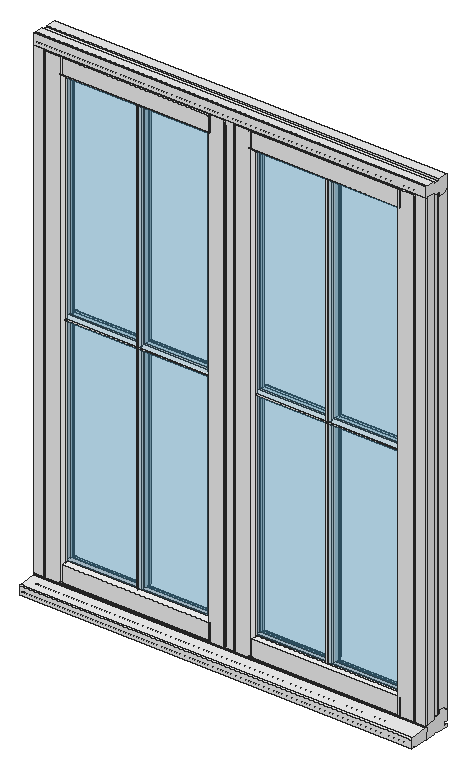
Revit family "C2-4P", category Windows, host Wall, Revit 2012
Parameters
  metal = Matel
  Wood = WindowColor
  Str.Tolrance = 11 mm
  Height = 1770 mm
  Glass = Glass
  Default Sill Height = 914.4 mm
  Wall Closure = By host
  Width = 1400 mm
Reference planes
  plane 1 "Center (Front/Back)": y = 0
  plane 2: z = 0
  plane 3 "Center (Left/Right)": x = 0
  plane 4 "Left": x = -700
  plane 5 "Right": x = 700
  plane 6 "Sill": z = 914.4
  plane 7 "Top": z = 2684.4
  plane 8: y = 33.076
  plane 9: z = 2648.4
  plane 10: x = 660
  plane 11: x = -660
  plane 12: z = 2644.4
  plane 13: z = 962.4
  plane 14: x = 602
  plane 15: x = -602
  plane 16: z = 1024.4
  plane 17: z = 2586.4
  plane 18: z = 2628.4
  plane 19: x = 18
  plane 20: x = -18
  plane 21: z = 1799.4
  plane 22: x = 80
  plane 23: x = -80
  plane 24: z = 982.4
  plane 25: x = 338.918
  plane 26: x = -338.918
Forms (mm)
  Sweep 1, solid, material "Matel" <- "metal"
    path origin (0, 0, 0) x (1, 0, 0) y (0, 0, 1)
      loop
        line (700, 914.4) -> (700, 2648.4)
    profile origin (700, 0, 1781.4) x (-1, 0, 0) y (0, -1, 0)
      loop
        line (0, -10) -> (0, -47) -> (43, -47) -> (43, -44)
        arc (43, -44) -> (50.071, -41.071) -> (53, -34) r 10
        line (53, -34) -> (56, -34) -> (56, -18) -> (36, -18) -> (36, -14) -> (44, -14) -> (44, -4) -> (36, -4) -> (36, -1) -> (44, -1) -> (44, 7) -> (36, 7) -> (36, 31.727)
        arc (36, 31.727) -> (34.922, 33.441) -> (33, 34.079) r 3
        line (33, 34.079) -> (33, 41)
        arc (33, 41) -> (34.834, 41.499) -> (36, 43) r 3
        line (36, 43) -> (36, 47) -> (0, 47) -> (0, 42) -> (2, 42)
        arc (2, 42) -> (5, 39) -> (2, 36) r 3
        line (2, 36) -> (0, 36) -> (0, 10) -> (5, 10) -> (5, -10) -> (0, -10)
  Sweep 2, solid, material "Matel" <- "metal"
    path origin (0, 0, 0) x (1, 0, 0) y (0, 0, 1)
      loop
        line (660, 914.4) -> (660, 2644.4)
    profile origin (660, 0, 1779.4) x (-1, 0, 0) y (0, -1, 0)
      loop
        arc (8, -10) -> (8.879, -12.121) -> (11, -13) r 3
        line (11, -13) -> (52, -13) -> (52, 35) -> (68, 35) -> (68, 37) -> (58, 47) -> (3, 47)
        arc (3, 47) -> (0.879, 46.121) -> (0, 44) r 3
        line (0, 44) -> (0, 42)
        arc (0, 42) -> (0.879, 39.879) -> (3, 39) r 3
        line (3, 39) -> (8, 39) -> (8, 28)
        arc (8, 28) -> (8.586, 26.586) -> (10, 26) r 2
        line (10, 26) -> (10, 8)
        arc (10, 8) -> (8.586, 7.414) -> (8, 6) r 2
        line (8, 6) -> (8, -10)
  Sweep 3, solid, material "Matel" <- "metal"
    path origin (0, 0, 0) x (-1, 0, 0) y (0, 0, 1)
      loop
        line (700, 914.4) -> (700, 2648.4)
    profile origin (-700, 0, 1781.4) x (-1, 0, 0) y (0, -1, 0)
      loop
        line (0, -10) -> (-5, -10) -> (-5, 10) -> (0, 10) -> (0, 36) -> (-2, 36)
        arc (-2, 36) -> (-5, 39) -> (-2, 42) r 3
        line (-2, 42) -> (0, 42) -> (0, 47) -> (-36, 47) -> (-36, 43)
        arc (-36, 43) -> (-34.834, 41.499) -> (-33, 41) r 3
        line (-33, 41) -> (-33, 34.079)
        arc (-33, 34.079) -> (-34.922, 33.441) -> (-36, 31.727) r 3
        line (-36, 31.727) -> (-36, 7) -> (-44, 7) -> (-44, -1) -> (-36, -1) -> (-36, -4) -> (-44, -4) -> (-44, -14) -> (-36, -14) -> (-36, -18) -> (-56, -18) -> (-56, -34) -> (-53, -34)
        arc (-53, -34) -> (-50.071, -41.071) -> (-43, -44) r 10
        line (-43, -44) -> (-43, -47) -> (0, -47) -> (0, -10)
  Sweep 4, solid, material "Matel" <- "metal"
    path origin (-2484.788, 0, 2663.844) x (0, 0, 1) y (1, 0, 0)
      loop
        line (20.556, 1784.788) -> (20.556, 3184.788)
    profile origin (0, 0, 2684.4) x (0, 0, 1) y (0, -1, 0)
      loop
        line (0, -10) -> (-5, -10) -> (-5, 10) -> (0, 10) -> (0, 36) -> (-2, 36)
        arc (-2, 36) -> (-5, 39) -> (-2, 42) r 3
        line (-2, 42) -> (0, 42) -> (0, 47) -> (-36, 47) -> (-36, 43)
        arc (-36, 43) -> (-34.834, 41.499) -> (-33, 41) r 3
        line (-33, 41) -> (-33, 34.079)
        arc (-33, 34.079) -> (-34.922, 33.441) -> (-36, 31.727) r 3
        line (-36, 31.727) -> (-36, 7) -> (-44, 7) -> (-44, -1) -> (-36, -1) -> (-36, -4) -> (-44, -4) -> (-44, -14) -> (-36, -14) -> (-36, -18) -> (-56, -18) -> (-56, -34) -> (-53, -34)
        arc (-53, -34) -> (-50.071, -41.071) -> (-43, -44) r 10
        line (-43, -44) -> (-43, -47) -> (0, -47) -> (0, -10)
  Sweep 5, solid, material "Matel" <- "metal"
    path origin (0, 0, -6.25) x (1, 0, 0) y (0, 0, 1)
      loop
        line (700, 920.65) -> (-700, 920.65)
    profile origin (0, 0, 914.4) x (0, 0, -1) y (0, -1, 0)
      loop
        line (-55, -46) -> (-20, -46) -> (-20, -36) -> (-10, -36) -> (-10, -46) -> (0, -46) -> (0, -9) -> (-5, -9) -> (-5, 11) -> (0, 11) -> (0, 37) -> (-2, 37)
        arc (-2, 37) -> (-5, 40) -> (-2, 43) r 3
        line (-2, 43) -> (0, 43) -> (0, 48) -> (-23, 48) -> (-23, 43) -> (-38, 43) -> (-38, 48) -> (-41, 48)
        arc (-41, 48) -> (-42.414, 47.414) -> (-43, 46) r 2
        line (-43, 46) -> (-48, 6) -> (-53, 6) -> (-56, -17) -> (-57, -17) -> (-57, -23) -> (-60, -23) -> (-60, -17) -> (-68, -17) -> (-68, -33) -> (-65, -33)
        arc (-65, -33) -> (-62.071, -40.071) -> (-55, -43) r 10
        line (-55, -43) -> (-55, -46)
  Sweep 6, solid, material "Matel" <- "metal"
    path origin (0, 0, -6.25) x (1, 0, 0) y (0, 0, 1)
      loop
        line (700, 920.65) -> (-700, 920.65)
    profile origin (0, 0, 914.4) x (0, 0, -1) y (0, -1, 0)
      loop
        line (-2, 103) -> (0, 103) -> (0, 108) -> (-28, 108)
        arc (-28, 108) -> (-30.068, 107.174) -> (-30.996, 105.149) r 3
        line (-30.996, 105.149) -> (-38, 48) -> (-38, 43) -> (-23, 43) -> (-23, 48) -> (0, 48) -> (0, 97) -> (-2, 97)
        arc (-2, 97) -> (-5, 100) -> (-2, 103) r 3
  Sweep 7, solid, material "Matel" <- "metal"
    path origin (0, 0, 162.5) x (1, 0, 0) y (0, 0, 1)
      loop
        line (608, 794.9) -> (69.836, 794.9)
    profile origin (338.918, 0, 957.4) x (0, 0, -1) y (0, -1, 0)
      loop
        line (-12, -10.5) -> (-12, 5.5)
        arc (-12, 5.5) -> (-12.586, 6.914) -> (-14, 7.5) r 2
        line (-14, 7.5) -> (-14, 25.5)
        arc (-14, 25.5) -> (-12.586, 26.086) -> (-12, 27.5) r 2
        line (-12, 27.5) -> (-12, 38.5) -> (-3, 38.5)
        arc (-3, 38.5) -> (-0.879, 39.379) -> (0, 41.5) r 3
        line (0, 41.5) -> (0, 43.5)
        arc (0, 43.5) -> (-0.879, 45.621) -> (-3, 46.5) r 3
        line (-3, 46.5) -> (-62, 46.5) -> (-72, 36.5) -> (-72, 34.5) -> (-56, 34.5) -> (-56, -13.5) -> (-15, -13.5)
        arc (-15, -13.5) -> (-12.879, -12.621) -> (-12, -10.5) r 3
  Sweep 8, solid, material "Matel" <- "metal"
    path origin (0, 0, 0) x (1, 0, 0) y (0, 0, 1)
      loop
        line (602, 2586.4) -> (75.836, 2586.4) -> (75.836, 1019.4) -> (602, 1019.4) -> (602, 2586.4)
    profile origin (338.918, 0, 2586.4) x (0, 0, -1) y (0, -1, 0)
      loop
        line (-1, -10) -> (-1, -7)
        arc (-1, -7) -> (4.657, -4.657) -> (7, 1) r 8
        line (7, 1) -> (10, 1) -> (10, 5) -> (6, 6) -> (6, 9) -> (-6, 9) -> (-6, -10) -> (-1, -10)
  Sweep 9, solid
    path origin (0, 0, 0) x (1, 0, 0) y (0, 0, 1)
      loop
        line (602, 2586.4) -> (75.836, 2586.4) -> (75.836, 1024.4) -> (602, 1024.4) -> (602, 2586.4)
    profile origin (338.918, 0, 2586.4) x (0, 0, -1) y (0, -1, 0)
      loop
        line (-6, 13.165) -> (4, 13.165) -> (4, 29.165) -> (-6, 29.165) -> (-6, 13.165)
  Extrusion 10, solid, material "Glass" <- "Glass"
    sketch origin (0, -52.04, 0) x (1, 0, 0) y (0, 0, -1)
      loop
        line (602, -2586.4) -> (602, -1024.4) -> (81.836, -1024.4) -> (81.836, -2586.4) -> (602, -2586.4)
    from 38.875 to 42.875
  Sweep 11, solid, material "Matel" <- "metal"
    path origin (0, 0, 0) x (1, 0, 0) y (0, 0, 1)
      loop
        line (0, 2648.4) -> (0, 952.4)
    profile origin (0, 0, 1800.4) x (0, -1, 0) y (1, 0, 0)
      loop
        line (42.988, -14) -> (46.988, -14) -> (46.988, 14) -> (42.988, 14)
        arc (42.988, 14) -> (41.574, 13.414) -> (40.988, 12) r 2
        line (40.988, 12) -> (40.988, 11) -> (33.988, 11) -> (33.988, 12)
        arc (33.988, 12) -> (33.403, 13.414) -> (31.988, 14) r 2
        line (31.988, 14) -> (6.988, 14) -> (6.988, 20) -> (-1.012, 20) -> (-1.012, 14) -> (-4.012, 14) -> (-4.012, 22) -> (-14.012, 22) -> (-14.012, 14) -> (-18.012, 14) -> (-18.012, 34) -> (-34.012, 34) -> (-34.012, 31)
        arc (-34.012, 31) -> (-41.083, 28.071) -> (-44.012, 21) r 10
        line (-44.012, 21) -> (-47.012, 21) -> (-47.012, -21) -> (-44.012, -21)
        arc (-44.012, -21) -> (-41.083, -28.071) -> (-34.012, -31) r 10
        line (-34.012, -31) -> (-34.012, -34) -> (-18.012, -34) -> (-18.012, -14) -> (-14.012, -14) -> (-14.012, -22) -> (-4.012, -22) -> (-4.012, -14) -> (-1.012, -14) -> (-1.012, -20) -> (6.988, -20) -> (6.988, -14) -> (31.988, -14)
        arc (31.988, -14) -> (33.403, -13.414) -> (33.988, -12) r 2
        line (33.988, -12) -> (33.988, -11) -> (40.988, -11) -> (40.988, -12)
        arc (40.988, -12) -> (41.574, -13.414) -> (42.988, -14) r 2
  Sweep 12, solid, material "Matel" <- "metal"
    path origin (0, 0, 0) x (-1, 0, 0) y (0, 0, 1)
      loop
        line (602, 2586.4) -> (75.836, 2586.4) -> (75.836, 1019.4) -> (602, 1019.4) -> (602, 2586.4)
    profile origin (-338.918, 0, 2586.4) x (0, 0, 1) y (0, -1, 0)
      loop
        line (1, -10) -> (6, -10) -> (6, 9) -> (-6, 9) -> (-6, 6) -> (-10, 5) -> (-10, 1) -> (-7, 1)
        arc (-7, 1) -> (-4.657, -4.657) -> (1, -7) r 8
        line (1, -7) -> (1, -10)
  Sweep 13, solid, material "Matel" <- "metal"
    path origin (0, 0, 0) x (-1, 0, 0) y (0, 0, 1)
      loop
        line (660, 914.4) -> (660, 2644.4)
    profile origin (-660, 0, 1779.4) x (-1, 0, 0) y (0, -1, 0)
      loop
        line (-8, -10) -> (-8, 6)
        arc (-8, 6) -> (-8.586, 7.414) -> (-10, 8) r 2
        line (-10, 8) -> (-10, 26)
        arc (-10, 26) -> (-8.586, 26.586) -> (-8, 28) r 2
        line (-8, 28) -> (-8, 39) -> (-3, 39)
        arc (-3, 39) -> (-0.879, 39.879) -> (0, 42) r 3
        line (0, 42) -> (0, 44)
        arc (0, 44) -> (-0.879, 46.121) -> (-3, 47) r 3
        line (-3, 47) -> (-58, 47) -> (-68, 37) -> (-68, 35) -> (-52, 35) -> (-52, -13) -> (-11, -13)
        arc (-11, -13) -> (-8.879, -12.121) -> (-8, -10) r 3
  Sweep 14, solid, material "Matel" <- "metal"
    path origin (0, 0, 0) x (-1, 0, 0) y (0, 0, 1)
      loop
        line (608, 957.4) -> (69.836, 957.4)
    profile origin (-338.918, 0, 957.4) x (0, 0, 1) y (0, -1, 0)
      loop
        arc (12, -10.5) -> (12.879, -12.621) -> (15, -13.5) r 3
        line (15, -13.5) -> (56, -13.5) -> (56, 34.5) -> (72, 34.5) -> (72, 36.5) -> (62, 46.5) -> (3, 46.5)
        arc (3, 46.5) -> (0.879, 45.621) -> (0, 43.5) r 3
        line (0, 43.5) -> (0, 41.5)
        arc (0, 41.5) -> (0.879, 39.379) -> (3, 38.5) r 3
        line (3, 38.5) -> (12, 38.5) -> (12, 27.5)
        arc (12, 27.5) -> (12.586, 26.086) -> (14, 25.5) r 2
        line (14, 25.5) -> (14, 7.5)
        arc (14, 7.5) -> (12.586, 6.914) -> (12, 5.5) r 2
        line (12, 5.5) -> (12, -10.5)
  Extrusion 15, solid, material "Glass" <- "Glass"
    sketch origin (0, 13.71, 0) x (1, 0, 0) y (0, 0, 1)
      loop
        line (602, 2586.4) -> (81.836, 2586.4) -> (81.836, 1024.4) -> (602, 1024.4) -> (602, 2586.4)
    from 42.875 to 46.875
  Sweep 16, solid
    path origin (0, 0, 0) x (-1, 0, 0) y (0, 0, 1)
      loop
        line (602, 2586.4) -> (75.836, 2586.4) -> (75.836, 1024.4) -> (602, 1024.4) -> (602, 2586.4)
    profile origin (-338.918, 0, 2586.4) x (0, 0, 1) y (0, -1, 0)
      loop
        line (6, 13.165) -> (6, 29.165) -> (-4, 29.165) -> (-4, 13.165) -> (6, 13.165)
  Extrusion 17, solid, material "Glass" <- "Glass"
    sketch origin (0, -52.04, 0) x (-1, 0, 0) y (0, 0, 1)
      loop
        line (602, 2586.4) -> (81.836, 2586.4) -> (81.836, 1024.4) -> (602, 1024.4) -> (602, 2586.4)
    from 38.875 to 42.875
  Extrusion 18, solid, material "Glass" <- "Glass"
    sketch origin (0, 13.71, 0) x (-1, 0, 0) y (0, 0, -1)
      loop
        line (602, -2586.4) -> (602, -1024.4) -> (81.836, -1024.4) -> (81.836, -2586.4) -> (602, -2586.4)
    from 42.875 to 46.875
  Sweep 19, solid, material "Matel" <- "metal"
    path origin (-577.836, 0, 0) x (1, 0, 0) y (0, 0, 1)
      loop
        line (560, 914.4) -> (560, 2644.4)
    profile origin (-17.836, 0, 1779.4) x (-1, 0, 0) y (0, -1, 0)
      loop
        arc (8, -10) -> (8.879, -12.121) -> (11, -13) r 3
        line (11, -13) -> (52, -13) -> (52, 35) -> (68, 35) -> (68, 37) -> (58, 47) -> (3, 47)
        arc (3, 47) -> (0.879, 46.121) -> (0, 44) r 3
        line (0, 44) -> (0, 42)
        arc (0, 42) -> (0.879, 39.879) -> (3, 39) r 3
        line (3, 39) -> (8, 39) -> (8, 28)
        arc (8, 28) -> (8.586, 26.586) -> (10, 26) r 2
        line (10, 26) -> (10, 8)
        arc (10, 8) -> (8.586, 7.414) -> (8, 6) r 2
        line (8, 6) -> (8, -10)
  Sweep 20, solid, material "Matel" <- "metal"
    path origin (-3801.389, 0.5, 3572.678) x (0, 0, 1) y (1, 0, 0)
      loop
        line (-928.278, 3193.389) -> (-928.278, 3731.553)
    profile origin (-338.918, 0.5, 2644.4) x (0, 0, 1) y (0, -1, 0)
      loop
        line (-8, -10) -> (-8, 6)
        arc (-8, 6) -> (-8.586, 7.414) -> (-10, 8) r 2
        line (-10, 8) -> (-10, 26)
        arc (-10, 26) -> (-8.586, 26.586) -> (-8, 28) r 2
        line (-8, 28) -> (-8, 39) -> (-3, 39)
        arc (-3, 39) -> (-0.879, 39.879) -> (0, 42) r 3
        line (0, 42) -> (0, 44)
        arc (0, 44) -> (-0.879, 46.121) -> (-3, 47) r 3
        line (-3, 47) -> (-58, 47) -> (-68, 37) -> (-68, 35) -> (-52, 35) -> (-52, -13) -> (-11, -13)
        arc (-11, -13) -> (-8.879, -12.121) -> (-8, -10) r 3
  Sweep 21, solid, material "Matel" <- "metal", detail levels fine
    path origin (0, 0, 0) x (1, 0, 0) y (0, 0, 1)
      loop
        line (602, 1799.4) -> (80, 1799.4)
    profile origin (341, 0, 1799.4) x (0, 0, -1) y (0, -1, 0)
      loop
        line (10, -2.71) -> (-10, -2.71) -> (-10, -8.71) -> (-8, -8.71) -> (-8, -11.21)
        arc (-8, -11.21) -> (-6.294, -15.725) -> (-2.5, -18.71) r 9
        line (-2.5, -18.71) -> (-2.5, -20.71) -> (2.5, -20.71) -> (2.5, -18.71)
        arc (2.5, -18.71) -> (6.294, -15.725) -> (8, -11.21) r 9
        line (8, -11.21) -> (8, -8.71) -> (10, -8.71) -> (10, -2.71)
      loop
        line (10, 26.379) -> (2.551, 34.533) -> (2.551, 36.533) -> (-2.449, 36.533) -> (-2.449, 34.533) -> (-10, 23.579) -> (10, 23.579) -> (10, 26.379)
  Sweep 22, solid, material "Matel" <- "metal", detail levels fine
    path origin (0, 0, 0) x (-1, 0, 0) y (0, 0, 1)
      loop
        line (602, 1799.4) -> (80, 1799.4)
    profile origin (-341, 0, 1799.4) x (0, 0, 1) y (0, -1, 0)
      loop
        line (-10, -2.71) -> (-10, -8.71) -> (-8, -8.71) -> (-8, -11.21)
        arc (-8, -11.21) -> (-6.294, -15.725) -> (-2.5, -18.71) r 9
        line (-2.5, -18.71) -> (-2.5, -20.71) -> (2.5, -20.71) -> (2.5, -18.71)
        arc (2.5, -18.71) -> (6.294, -15.725) -> (8, -11.21) r 9
        line (8, -11.21) -> (8, -8.71) -> (10, -8.71) -> (10, -2.71) -> (-10, -2.71)
      loop
        line (-10, 26.379) -> (-10, 23.579) -> (10, 23.579) -> (2.449, 34.533) -> (2.449, 36.533) -> (-2.551, 36.533) -> (-2.551, 34.533) -> (-10, 26.379)
  Sweep 23, solid, material "Matel" <- "metal", detail levels fine
    path origin (0, 0, 0) x (1, 0, 0) y (0, 0, 1)
      loop
        line (602, 1799.4) -> (80, 1799.4)
    profile origin (341, 0, 1799.4) x (0, 0, -1) y (0, -1, 0)
      loop
        line (10, -0.153) -> (10, 15.847) -> (-10, 15.847) -> (-10, -0.153) -> (10, -0.153)
  Sweep 24, solid, material "Matel" <- "metal", detail levels fine
    path origin (0, 0, 0) x (-1, 0, 0) y (0, 0, 1)
      loop
        line (595, 1799.4) -> (82.836, 1799.4)
    profile origin (-338.918, 0, 1799.4) x (0, 0, 1) y (0, -1, 0)
      loop
        line (-10, -0.153) -> (10, -0.153) -> (10, 15.847) -> (-10, 15.847) -> (-10, -0.153)
  Sweep 25, void
    path origin (0, 0, 0) x (1, 0, 0) y (0, 1, 0)
      loop
        line (700, 0) -> (-700, 0)
    profile origin (0, 0, 0) x (0, -1, 0) y (0, 0, 1)
      loop
        line (-46, 969.4) -> (-57, 969.4) -> (-57, 909.4) -> (133, 909.4) -> (133, 939.4)
        arc (133, 939.4) -> (132.248, 941.386) -> (130.37, 942.377) r 3
        line (130.37, 942.377) -> (105.37, 945.377) -> (80.364, 948.378) -> (48, 952.4) -> (48, 955.4)
        arc (48, 955.4) -> (47.414, 956.814) -> (46, 957.4) r 2
        line (46, 957.4) -> (6, 962.4) -> (6, 967.4) -> (-17, 970.4) -> (-17, 971.4) -> (-23, 971.4) -> (-23, 974.4) -> (-17, 974.4) -> (-17, 982.4) -> (-33, 982.4) -> (-33, 979.4)
        arc (-33, 979.4) -> (-40.071, 976.471) -> (-43, 969.4) r 10
        line (-43, 969.4) -> (-46, 969.4)
  Sweep 26, solid, material "Matel" <- "metal", detail levels fine
    path origin (2138.318, 0, 1667.629) x (0, 0, 1) y (-1, 0, 0)
      loop
        line (918.771, 1799.4) -> (-643.229, 1799.4)
    profile origin (338.918, 0, 1805.4) x (0, -1, 0) y (1, 0, 0)
      loop
        line (-2.71, 10) -> (-8.71, 10) -> (-8.71, 8) -> (-11.21, 8)
        arc (-11.21, 8) -> (-15.725, 6.294) -> (-18.71, 2.5) r 9
        line (-18.71, 2.5) -> (-20.71, 2.5) -> (-20.71, -2.5) -> (-18.71, -2.5)
        arc (-18.71, -2.5) -> (-15.725, -6.294) -> (-11.21, -8) r 9
        line (-11.21, -8) -> (-8.71, -8) -> (-8.71, -10) -> (-2.71, -10) -> (-2.71, 10)
      loop
        line (26.379, 10) -> (23.579, 10) -> (23.579, -10) -> (34.533, -2.449) -> (36.533, -2.449) -> (36.533, 2.551) -> (34.533, 2.551) -> (26.379, 10)
  Sweep 27, solid, material "Matel" <- "metal", detail levels fine
    path origin (-2788.605, 0, 1659.295) x (0, 0, 1) y (1, 0, 0)
      loop
        line (927.105, 3127.523) -> (-634.895, 3127.523)
    profile origin (338.918, 0, 1805.4) x (0, -1, 0) y (1, 0, 0)
      loop
        line (-0.153, -10) -> (15.847, -10) -> (15.847, 10) -> (-0.153, 10) -> (-0.153, -10)
  Sweep 28, solid, material "Matel" <- "metal", detail levels fine
    path origin (1470.482, 0, 1821.811) x (0, 0, 1) y (-1, 0, 0)
      loop
        line (764.589, 1809.4) -> (-797.411, 1809.4)
    profile origin (-338.918, 0, 1805.4) x (0, -1, 0) y (1, 0, 0)
      loop
        line (-2.71, 10) -> (-8.71, 10) -> (-8.71, 8) -> (-11.21, 8)
        arc (-11.21, 8) -> (-15.725, 6.294) -> (-18.71, 2.5) r 9
        line (-18.71, 2.5) -> (-20.71, 2.5) -> (-20.71, -2.5) -> (-18.71, -2.5)
        arc (-18.71, -2.5) -> (-15.725, -6.294) -> (-11.21, -8) r 9
        line (-11.21, -8) -> (-8.71, -8) -> (-8.71, -10) -> (-2.71, -10) -> (-2.71, 10)
      loop
        line (26.379, 10) -> (23.579, 10) -> (23.579, -10) -> (34.533, -2.449) -> (36.533, -2.449) -> (36.533, 2.551) -> (34.533, 2.551) -> (26.379, 10)
  Sweep 29, solid, material "Matel" <- "metal", detail levels fine
    path origin (2788.605, 0, 1659.295) x (0, 0, 1) y (-1, 0, 0)
      loop
        line (927.105, 3127.523) -> (-634.895, 3127.523)
    profile origin (-338.918, 0, 1805.4) x (0, -1, 0) y (1, 0, 0)
      loop
        line (-0.153, 10) -> (-0.153, -10) -> (15.847, -10) -> (15.847, 10) -> (-0.153, 10)
  Sweep 30, solid, material "Matel" <- "metal"
    path origin (677.836, 0, 0) x (-1, 0, 0) y (0, 0, -1)
      loop
        line (660, -914.4) -> (660, -2644.4)
    profile origin (17.836, 0, 1779.4) x (-1, 0, 0) y (0, -1, 0)
      loop
        line (-8, -10) -> (-8, 6)
        arc (-8, 6) -> (-8.586, 7.414) -> (-10, 8) r 2
        line (-10, 8) -> (-10, 26)
        arc (-10, 26) -> (-8.586, 26.586) -> (-8, 28) r 2
        line (-8, 28) -> (-8, 39) -> (-3, 39)
        arc (-3, 39) -> (-0.879, 39.879) -> (0, 42) r 3
        line (0, 42) -> (0, 44)
        arc (0, 44) -> (-0.879, 46.121) -> (-3, 47) r 3
        line (-3, 47) -> (-58, 47) -> (-68, 37) -> (-68, 35) -> (-52, 35) -> (-52, -13) -> (-11, -13)
        arc (-11, -13) -> (-8.879, -12.121) -> (-8, -10) r 3
  Sweep 31, solid, material "Matel" <- "metal"
    path origin (-3456.389, 0.5, 3572.678) x (0, 0, 1) y (-1, 0, 0)
      loop
        line (-928.278, -3526.225) -> (-928.278, -4064.389)
    profile origin (338.918, 0.5, 2644.4) x (0, 0, 1) y (0, -1, 0)
      loop
        line (-8, -10) -> (-8, 6)
        arc (-8, 6) -> (-8.586, 7.414) -> (-10, 8) r 2
        line (-10, 8) -> (-10, 26)
        arc (-10, 26) -> (-8.586, 26.586) -> (-8, 28) r 2
        line (-8, 28) -> (-8, 39) -> (-3, 39)
        arc (-3, 39) -> (-0.879, 39.879) -> (0, 42) r 3
        line (0, 42) -> (0, 44)
        arc (0, 44) -> (-0.879, 46.121) -> (-3, 47) r 3
        line (-3, 47) -> (-58, 47) -> (-68, 37) -> (-68, 35) -> (-52, 35) -> (-52, -13) -> (-11, -13)
        arc (-11, -13) -> (-8.879, -12.121) -> (-8, -10) r 3
Cuts and joins
  Sweep 25 cuts Sweep 1
  Sweep 25 cuts Sweep 2
  Sweep 25 cuts Sweep 3
  Sweep 25 cuts Sweep 11
  Sweep 25 cuts Sweep 13
  Sweep 25 cuts Sweep 19
Lines and regions (mm)
  Opening 1
    outline origin (-1524, -47, 0) x (1, 0, 0) y (0, 0, 1)
      loop
        line (824, 2684.4) -> (824, 914.4) -> (2224, 914.4) -> (2224, 2684.4) -> (824, 2684.4)
Text (mm)
  text "EXTERIOR" at (-1490.695, 1293.036, 0), in view "Ref. Level"
  text "INTERIOR" at (-1490.695, -959.266, 0), in view "Ref. Level"
  text "Exterior" at (0, 1108.87, 3129.179), in view "Left"
  text "Exterior" at (0, 464.664, 3176.206), in view "Right"
Dimensions and locks
  equal spacing: plane 4 "Left", plane 3 "Center (Left/Right)", plane 5 "Right"  (x2)
  "Height": plane 6 "Sill" to plane 7 "Top"
  "Default Sill Height": plane 2 to plane 6 "Sill"
  plane 6 "Sill" to plane 7 "Top" = 1770 mm
  "Width": plane 4 "Left" to plane 5 "Right"
  locked: plane 9 to plane 7 "Top" at 36
  plane 10 to plane 5 "Right" = 40 mm
  plane 11 to plane 4 "Left" = 40 mm
  locked: plane 12 to plane 7 "Top" at 40
  locked: plane 6 "Sill" to plane 13 at 48
  locked: plane 5 "Right" to plane 14 at 98
  locked: plane 4 "Left" to plane 15 at 98
  locked: plane 6 "Sill" to plane 16 at 110
  locked: plane 17 to plane 7 "Top" at 98
  locked: Extrusion 10 to Extrusion 10 at 4
  locked: plane 19 to plane 3 "Center (Left/Right)" at 18
  locked: plane 3 "Center (Left/Right)" to plane 20 at 18
  locked: Extrusion 15 to Extrusion 15 at 4
  locked: Extrusion 17 to Extrusion 17 at 4
  locked: Extrusion 18 to Extrusion 18 at 4
  equal spacing: plane 6 "Sill", plane 21, plane 7 "Top"
  locked: plane 22 to plane 3 "Center (Left/Right)" at 80
  locked: plane 3 "Center (Left/Right)" to plane 23 at 80
  equal spacing: Sweep 8, plane 25, Sweep 8
  equal spacing: Sweep 12, plane 26, Sweep 12
  aligned and locked: plane 7 "Top" to Opening 1 sketch curve
  aligned and locked: plane 6 "Sill" to Opening 1 sketch curve  (x2)
  aligned and locked: plane 5 "Right" to Opening 1 sketch curve
  aligned and locked: plane 4 "Left" to Opening 1 sketch curve
  aligned and locked: level to plane 2
  aligned and locked: plane 5 "Right" to Sweep 1 sketch curve
  aligned and locked: plane 10 to Sweep 2 sketch curve
  aligned and locked: plane 9 to Sweep 1 sketch curve
  aligned and locked: plane 4 "Left" to Sweep 3 sketch curve
  aligned and locked: plane 9 to Sweep 3 sketch curve
  aligned and locked: plane 5 "Right" to Sweep 4 sketch curve
  aligned and locked: plane 4 "Left" to Sweep 4 sketch curve
  aligned and locked: plane 4 "Left" to Sweep 5 sketch curve
  aligned and locked: plane 5 "Right" to Sweep 5 sketch curve
  aligned and locked: Sweep 8 sketch curve to plane 14
  aligned and locked: Sweep 8 sketch curve to plane 17
  aligned and locked: Sweep 9 sketch curve to plane 14
  aligned and locked: Sweep 9 sketch curve to plane 17
  aligned and locked: plane 16 to Sweep 9 sketch curve
  aligned and locked: Sweep 7 sketch curve to Sweep 5
  aligned and locked: plane 17 to Sweep 12 sketch curve
  aligned and locked: plane 15 to Sweep 12 sketch curve
  aligned and locked: Sweep 13 sketch curve to plane 11
  aligned and locked: plane 15 to Sweep 16 sketch curve
  aligned and locked: plane 17 to Sweep 16 sketch curve
  aligned and locked: Sweep 16 sketch curve to plane 16
  aligned and locked: Sweep 5 to Sweep 11 sketch curve
  aligned and locked: plane 12 to Sweep 20 sketch curve
  aligned and locked: plane 12 to Sweep 13 sketch curve
  aligned and locked: plane 12 to Sweep 19 sketch curve
  aligned and locked: plane 9 to Sweep 11 sketch curve
  aligned and locked: plane 14 to Sweep 21 sketch curve
  aligned and locked: Sweep 21 sketch curve to plane 21
  aligned and locked: plane 22 to Sweep 21 sketch curve
  aligned and locked: plane 14 to Sweep 23 sketch curve
  aligned and locked: plane 22 to Sweep 23 sketch curve
  aligned and locked: plane 21 to Sweep 24 sketch curve
  aligned and locked: Sweep 12 to Sweep 24 sketch curve  (x2)
  aligned and locked: Sweep 4 to plane 7 "Top"
  aligned and locked: plane 6 "Sill" to Sweep 5
  aligned and locked: plane 6 "Sill" to Sweep 6
  aligned and locked: plane 17 to Sweep 26 sketch curve
  aligned and locked: plane 16 to Sweep 26 sketch curve
  aligned and locked: plane 25 to Sweep 26 sketch curve
  aligned and locked: plane 26 to Sweep 28 sketch curve
  aligned and locked: plane 17 to Sweep 28 sketch curve
  aligned and locked: plane 16 to Sweep 28 sketch curve
  aligned and locked: plane 25 to Sweep 27 sketch curve
  aligned and locked: plane 17 to Sweep 27 sketch curve
  aligned and locked: plane 16 to Sweep 27 sketch curve
  aligned and locked: plane 26 to Sweep 29 sketch curve
  aligned and locked: plane 17 to Sweep 29 sketch curve
  aligned and locked: plane 16 to Sweep 29 sketch curve
  aligned and locked: plane 12 to Sweep 31 sketch curve
Automatic sketch dimensions
  Sweep 1 sketch curve to plane 6 "Sill" = 0 mm
  Sweep 1 sketch curve to profile plane = 0 mm  (x3)
  Sweep 1 sketch curve to profile plane = 2 mm
  Sweep 1 sketch curve to Sweep 1 sketch curve = 5 mm  (x2)
  Sweep 1 sketch curve to Sweep 1 sketch curve = 31 mm  (x2)
  Sweep 1 sketch curve to Sweep 1 sketch curve = 0.071 mm
  Sweep 1 sketch curve to Sweep 1 sketch curve = 0.17 mm
  Sweep 1 sketch curve to plane 1 "Center (Front/Back)" = 4 mm
  Sweep 1 sketch curve to Sweep 1 sketch curve = 0 mm  (x3)
  Sweep 1 sketch curve to Sweep 1 sketch curve = 2.83 mm
  Sweep 1 sketch curve to Sweep 1 sketch curve = 7 mm
  Sweep 1 sketch curve to Sweep 1 sketch curve = 8 mm
  Sweep 1 sketch curve to plane 1 "Center (Front/Back)" = 1 mm
  Sweep 1 sketch curve to Sweep 1 sketch curve = 10 mm  (x2)
  Sweep 1 sketch curve to Sweep 1 sketch curve = 12 mm
  Sweep 1 sketch curve to plane 1 "Center (Front/Back)" = 10 mm
  Sweep 1 sketch curve to Sweep 1 sketch curve = 4 mm
  Sweep 1 sketch curve to Sweep 1 sketch curve = 16 mm
  Sweep 1 sketch curve to Sweep 1 sketch curve = 3 mm  (x2)
  plane 1 "Center (Front/Back)" to Sweep 1 sketch curve = 7 mm
  plane 1 "Center (Front/Back)" to Sweep 1 sketch curve = 10 mm
  Sweep 1 sketch curve to Sweep 1 sketch curve = 24.08 mm
  Sweep 1 sketch curve to Sweep 1 sketch curve = 0.647 mm
  Sweep 1 sketch curve to Sweep 1 sketch curve = 26 mm
  Sweep 1 sketch curve to Sweep 1 sketch curve = 6.921 mm
  Sweep 1 sketch curve to Sweep 1 sketch curve = 2 mm
  Sweep 2 sketch curve to plane 6 "Sill" = 0 mm
  Sweep 2 sketch curve to plane 12 = 0 mm
  Sweep 2 sketch curve to profile plane = 0 mm
  Sweep 2 sketch curve to profile plane = 3 mm
  Sweep 2 sketch curve to Sweep 2 sketch curve = 0 mm
  Sweep 2 sketch curve to profile plane = 8 mm
  Sweep 2 sketch curve to Sweep 2 sketch curve = 5 mm
  Sweep 2 sketch curve to Sweep 2 sketch curve = 2 mm  (x3)
  Sweep 2 sketch curve to Sweep 2 sketch curve = 3 mm
  Sweep 2 sketch curve to profile plane = 13 mm
  Sweep 2 sketch curve to Sweep 2 sketch curve = 41 mm
  Sweep 2 sketch curve to Sweep 2 sketch curve = 6 mm
  Sweep 2 sketch curve to Sweep 2 sketch curve = 10 mm
  profile plane to Sweep 2 sketch curve = 6 mm
  Sweep 2 sketch curve to Sweep 2 sketch curve = 18 mm
  profile plane to Sweep 2 sketch curve = 35 mm
  Sweep 2 sketch curve to Sweep 2 sketch curve = 11 mm
  Sweep 3 sketch curve to plane 6 "Sill" = 0 mm
  Sweep 3 sketch curve to profile plane = 0 mm  (x3)
  Sweep 3 sketch curve to Sweep 3 sketch curve = 2 mm  (x2)
  Sweep 3 sketch curve to Sweep 3 sketch curve = 5 mm  (x2)
  Sweep 3 sketch curve to Sweep 3 sketch curve = 31 mm
  Sweep 3 sketch curve to Sweep 3 sketch curve = 0.071 mm
  Sweep 3 sketch curve to Sweep 3 sketch curve = 0.17 mm
  plane 1 "Center (Front/Back)" to Sweep 3 sketch curve = 7 mm
  Sweep 3 sketch curve to Sweep 3 sketch curve = 2.929 mm
  Sweep 3 sketch curve to Sweep 3 sketch curve = 2.83 mm
  Sweep 3 sketch curve to plane 1 "Center (Front/Back)" = 1 mm
  Sweep 3 sketch curve to Sweep 3 sketch curve = 0 mm  (x3)
  Sweep 3 sketch curve to Sweep 3 sketch curve = 7 mm
  Sweep 3 sketch curve to Sweep 3 sketch curve = 8 mm
  Sweep 3 sketch curve to Sweep 3 sketch curve = 10 mm  (x2)
  Sweep 3 sketch curve to Sweep 3 sketch curve = 3 mm  (x4)
  Sweep 3 sketch curve to plane 1 "Center (Front/Back)" = 10 mm
  Sweep 3 sketch curve to Sweep 3 sketch curve = 4 mm
  Sweep 3 sketch curve to Sweep 3 sketch curve = 16 mm
  plane 1 "Center (Front/Back)" to Sweep 3 sketch curve = 10 mm
  Sweep 3 sketch curve to Sweep 3 sketch curve = 24.08 mm
  Sweep 3 sketch curve to Sweep 3 sketch curve = 0.647 mm
  Sweep 3 sketch curve to Sweep 3 sketch curve = 26 mm
  Sweep 3 sketch curve to Sweep 3 sketch curve = 6.921 mm
  Sweep 4 sketch curve to plane 7 "Top" = 0 mm
  profile plane to Sweep 4 sketch curve = 0 mm  (x3)
  Sweep 4 sketch curve to Sweep 4 sketch curve = 2 mm  (x2)
  Sweep 4 sketch curve to Sweep 4 sketch curve = 5 mm  (x2)
  Sweep 4 sketch curve to Sweep 4 sketch curve = 31 mm
  Sweep 4 sketch curve to Sweep 4 sketch curve = 0.071 mm
  Sweep 4 sketch curve to Sweep 4 sketch curve = 0.17 mm
  plane 1 "Center (Front/Back)" to Sweep 4 sketch curve = 7 mm
  Sweep 4 sketch curve to Sweep 4 sketch curve = 2.929 mm
  Sweep 4 sketch curve to Sweep 4 sketch curve = 2.83 mm
  Sweep 4 sketch curve to plane 1 "Center (Front/Back)" = 1 mm
  Sweep 4 sketch curve to Sweep 4 sketch curve = 0 mm  (x3)
  Sweep 4 sketch curve to Sweep 4 sketch curve = 7 mm
  Sweep 4 sketch curve to Sweep 4 sketch curve = 8 mm
  Sweep 4 sketch curve to Sweep 4 sketch curve = 10 mm  (x2)
  Sweep 4 sketch curve to Sweep 4 sketch curve = 3 mm  (x4)
  Sweep 4 sketch curve to plane 1 "Center (Front/Back)" = 10 mm
  Sweep 4 sketch curve to Sweep 4 sketch curve = 4 mm
  Sweep 4 sketch curve to Sweep 4 sketch curve = 16 mm
  plane 1 "Center (Front/Back)" to Sweep 4 sketch curve = 10 mm
  Sweep 4 sketch curve to Sweep 4 sketch curve = 24.08 mm
  Sweep 4 sketch curve to Sweep 4 sketch curve = 0.647 mm
  Sweep 4 sketch curve to Sweep 4 sketch curve = 26 mm
  Sweep 4 sketch curve to Sweep 4 sketch curve = 6.921 mm
  Sweep 5 sketch curve to plane 6 "Sill" = 0 mm
  Sweep 5 sketch curve to profile plane = 0 mm  (x3)
  profile plane to Sweep 5 sketch curve = 2 mm
  profile plane to Sweep 5 sketch curve = 5 mm
  profile plane to Sweep 5 sketch curve = 10 mm
  Sweep 5 sketch curve to Sweep 5 sketch curve = 10 mm  (x5)
  Sweep 5 sketch curve to Sweep 5 sketch curve = 21 mm
  Sweep 5 sketch curve to Sweep 5 sketch curve = 15 mm
  Sweep 5 sketch curve to Sweep 5 sketch curve = 3 mm  (x6)
  Sweep 5 sketch curve to Sweep 5 sketch curve = 2 mm
  plane 1 "Center (Front/Back)" to Sweep 5 sketch curve = 6 mm
  Sweep 5 sketch curve to Sweep 5 sketch curve = 5 mm  (x2)
  Sweep 5 sketch curve to Sweep 5 sketch curve = 35 mm
  Sweep 5 sketch curve to plane 1 "Center (Front/Back)" = 17 mm
  Sweep 5 sketch curve to Sweep 5 sketch curve = 1 mm  (x2)
  Sweep 5 sketch curve to Sweep 5 sketch curve = 0 mm  (x2)
  Sweep 5 sketch curve to Sweep 5 sketch curve = 6 mm
  Sweep 5 sketch curve to plane 1 "Center (Front/Back)" = 36 mm
  Sweep 5 sketch curve to plane 1 "Center (Front/Back)" = 9 mm
  plane 1 "Center (Front/Back)" to Sweep 5 sketch curve = 11 mm
  Sweep 5 sketch curve to Sweep 5 sketch curve = 26 mm
  plane 4 "Left" to Sweep 6 sketch curve = 0 mm
  plane 5 "Right" to Sweep 6 sketch curve = 0 mm
  Sweep 6 sketch curve to plane 6 "Sill" = 0 mm
  Sweep 6 sketch curve to profile plane = 0 mm  (x2)
  profile plane to Sweep 6 sketch curve = 2 mm
  profile plane to Sweep 6 sketch curve = 23 mm
  Sweep 6 sketch curve to Sweep 6 sketch curve = 26 mm
  Sweep 6 sketch curve to Sweep 6 sketch curve = 2.996 mm
  Sweep 6 sketch curve to Sweep 6 sketch curve = 15 mm
  plane 1 "Center (Front/Back)" to Sweep 6 sketch curve = 43 mm
  Sweep 6 sketch curve to Sweep 6 sketch curve = 5 mm  (x2)
  Sweep 6 sketch curve to Sweep 6 sketch curve = 49 mm
  Sweep 6 sketch curve to Sweep 6 sketch curve = 3 mm
  Sweep 6 sketch curve to Sweep 6 sketch curve = 2 mm
  Sweep 6 sketch curve to Sweep 6 sketch curve = 0.149 mm
  Sweep 7 sketch curve to profile plane = 0 mm
  profile plane to Sweep 7 sketch curve = 3 mm  (x2)
  profile plane to Sweep 7 sketch curve = 12 mm  (x2)
  Sweep 7 sketch curve to Sweep 7 sketch curve = 2 mm  (x3)
  Sweep 7 sketch curve to Sweep 7 sketch curve = 3 mm
  Sweep 7 sketch curve to Sweep 7 sketch curve = 42 mm
  Sweep 7 sketch curve to Sweep 7 sketch curve = 6 mm
  Sweep 7 sketch curve to Sweep 7 sketch curve = 10 mm
  Sweep 7 sketch curve to plane 1 "Center (Front/Back)" = 13.5 mm
  plane 1 "Center (Front/Back)" to Sweep 7 sketch curve = 5.5 mm
  Sweep 7 sketch curve to Sweep 7 sketch curve = 18 mm
  plane 1 "Center (Front/Back)" to Sweep 7 sketch curve = 34.5 mm
  Sweep 7 sketch curve to Sweep 7 sketch curve = 11 mm
  Sweep 8 sketch curve to plane 22 = 4.164 mm
  profile plane to Sweep 8 sketch curve = 6 mm
  profile plane to Sweep 8 sketch curve = 1 mm
  Sweep 8 sketch curve to profile plane = 6 mm
  plane 1 "Center (Front/Back)" to Sweep 8 sketch curve = 1 mm
  Sweep 8 sketch curve to Sweep 8 sketch curve = 1 mm  (x2)
  plane 1 "Center (Front/Back)" to Sweep 8 sketch curve = 5 mm
  Sweep 8 sketch curve to Sweep 8 sketch curve = 4 mm
  Sweep 8 sketch curve to Sweep 8 sketch curve = 3 mm
  plane 1 "Center (Front/Back)" to Sweep 8 sketch curve = 9 mm
  Sweep 9 sketch curve to plane 22 = 4.164 mm
  profile plane to Sweep 9 sketch curve = 6 mm
  Sweep 9 sketch curve to profile plane = 4 mm
  plane 1 "Center (Front/Back)" to Sweep 9 sketch curve = 13.165 mm
  Sweep 9 sketch curve to Sweep 9 sketch curve = 16 mm
  Extrusion 10 sketch curve to plane 17 = 0 mm
  Extrusion 10 sketch curve to plane 16 = 0 mm
  Extrusion 10 sketch curve to plane 14 = 0 mm
  plane 22 to Extrusion 10 sketch curve = 1.836 mm
  Sweep 11 sketch curve to plane 3 "Center (Left/Right)" = 0 mm
  profile plane to Sweep 11 sketch curve = 21 mm
  Sweep 11 sketch curve to plane 1 "Center (Front/Back)" = 47.012 mm
  Sweep 11 sketch curve to Sweep 11 sketch curve = 3 mm  (x3)
  Sweep 11 sketch curve to Sweep 11 sketch curve = 10 mm  (x2)
  Sweep 11 sketch curve to Sweep 11 sketch curve = 16 mm  (x2)
  Sweep 11 sketch curve to Sweep 11 sketch curve = 4 mm  (x3)
  Sweep 11 sketch curve to plane 1 "Center (Front/Back)" = 4.012 mm  (x2)
  Sweep 11 sketch curve to plane 1 "Center (Front/Back)" = 1.012 mm  (x2)
  plane 1 "Center (Front/Back)" to Sweep 11 sketch curve = 6.988 mm  (x2)
  Sweep 11 sketch curve to profile plane = 12 mm
  Sweep 11 sketch curve to Sweep 11 sketch curve = 25 mm  (x2)
  Sweep 11 sketch curve to Sweep 11 sketch curve = 2 mm  (x5)
  Sweep 11 sketch curve to Sweep 11 sketch curve = 7 mm  (x2)
  Sweep 11 sketch curve to Sweep 11 sketch curve = 12 mm  (x2)
  profile plane to Sweep 11 sketch curve = 14 mm
  Sweep 11 sketch curve to Sweep 11 sketch curve = 6 mm  (x3)
  Sweep 11 sketch curve to Sweep 11 sketch curve = 8 mm  (x2)
  Sweep 11 sketch curve to Sweep 11 sketch curve = 1 mm  (x3)
  Sweep 11 sketch curve to profile plane = 14 mm
  Sweep 11 sketch curve to Sweep 11 sketch curve = 0 mm
  Sweep 11 sketch curve to profile plane = 21 mm
  plane 16 to Sweep 12 sketch curve = 5 mm
  plane 23 to Sweep 12 sketch curve = 4.164 mm
  plane 1 "Center (Front/Back)" to Sweep 12 sketch curve = 1 mm
  profile plane to Sweep 12 sketch curve = 10 mm
  Sweep 12 sketch curve to Sweep 12 sketch curve = 3 mm  (x2)
  Sweep 12 sketch curve to Sweep 12 sketch curve = 4 mm  (x2)
  Sweep 12 sketch curve to profile plane = 1 mm
  Sweep 12 sketch curve to Sweep 12 sketch curve = 5 mm
  Sweep 12 sketch curve to Sweep 12 sketch curve = 1 mm
  plane 1 "Center (Front/Back)" to Sweep 12 sketch curve = 9 mm
  Sweep 13 sketch curve to plane 6 "Sill" = 0 mm
  Sweep 13 sketch curve to profile plane = 0 mm
  profile plane to Sweep 13 sketch curve = 3 mm  (x2)
  profile plane to Sweep 13 sketch curve = 8 mm  (x2)
  Sweep 13 sketch curve to Sweep 13 sketch curve = 2 mm  (x3)
  Sweep 13 sketch curve to Sweep 13 sketch curve = 3 mm
  Sweep 13 sketch curve to Sweep 13 sketch curve = 42 mm
  Sweep 13 sketch curve to Sweep 13 sketch curve = 6 mm
  Sweep 13 sketch curve to Sweep 13 sketch curve = 10 mm
  Sweep 13 sketch curve to plane 1 "Center (Front/Back)" = 13 mm
  plane 1 "Center (Front/Back)" to Sweep 13 sketch curve = 6 mm
  Sweep 13 sketch curve to Sweep 13 sketch curve = 18 mm
  plane 1 "Center (Front/Back)" to Sweep 13 sketch curve = 35 mm
  Sweep 13 sketch curve to Sweep 13 sketch curve = 11 mm
  profile plane to Sweep 14 sketch curve = 0 mm
  Sweep 14 sketch curve to profile plane = 3 mm
  Sweep 14 sketch curve to Sweep 14 sketch curve = 0 mm
  Sweep 14 sketch curve to profile plane = 12 mm
  Sweep 14 sketch curve to Sweep 14 sketch curve = 9 mm
  Sweep 14 sketch curve to Sweep 14 sketch curve = 2 mm  (x3)
  Sweep 14 sketch curve to Sweep 14 sketch curve = 3 mm
  Sweep 14 sketch curve to plane 1 "Center (Front/Back)" = 13.5 mm
  Sweep 14 sketch curve to Sweep 14 sketch curve = 41 mm
  Sweep 14 sketch curve to Sweep 14 sketch curve = 6 mm
  Sweep 14 sketch curve to Sweep 14 sketch curve = 10 mm
  plane 1 "Center (Front/Back)" to Sweep 14 sketch curve = 5.5 mm
  Sweep 14 sketch curve to Sweep 14 sketch curve = 18 mm
  plane 1 "Center (Front/Back)" to Sweep 14 sketch curve = 34.5 mm
  Sweep 14 sketch curve to Sweep 14 sketch curve = 11 mm
  Extrusion 15 sketch curve to plane 17 = 0 mm
  Extrusion 15 sketch curve to plane 16 = 0 mm
  Extrusion 15 sketch curve to plane 14 = 0 mm
  plane 22 to Extrusion 15 sketch curve = 1.836 mm
  plane 23 to Sweep 16 sketch curve = 4.164 mm
  profile plane to Sweep 16 sketch curve = 4 mm
  Sweep 16 sketch curve to profile plane = 6 mm
  plane 1 "Center (Front/Back)" to Sweep 16 sketch curve = 13.165 mm
  Sweep 16 sketch curve to Sweep 16 sketch curve = 16 mm
  Extrusion 17 sketch curve to plane 17 = 0 mm
  Extrusion 17 sketch curve to plane 16 = 0 mm
  plane 15 to Extrusion 17 sketch curve = 0 mm
  plane 23 to Extrusion 17 sketch curve = 1.836 mm
  Extrusion 18 sketch curve to plane 17 = 0 mm
  Extrusion 18 sketch curve to plane 16 = 0 mm
  plane 15 to Extrusion 18 sketch curve = 0 mm
  plane 23 to Extrusion 18 sketch curve = 1.836 mm
  Sweep 19 sketch curve to plane 6 "Sill" = 0 mm
  plane 20 to Sweep 19 sketch curve = 0.164 mm
  Sweep 19 sketch curve to profile plane = 0 mm
  Sweep 19 sketch curve to profile plane = 3 mm
  Sweep 19 sketch curve to Sweep 19 sketch curve = 0 mm
  Sweep 19 sketch curve to profile plane = 8 mm
  Sweep 19 sketch curve to Sweep 19 sketch curve = 5 mm
  Sweep 19 sketch curve to Sweep 19 sketch curve = 2 mm  (x3)
  Sweep 19 sketch curve to Sweep 19 sketch curve = 3 mm
  Sweep 19 sketch curve to plane 1 "Center (Front/Back)" = 13 mm
  Sweep 19 sketch curve to Sweep 19 sketch curve = 41 mm
  Sweep 19 sketch curve to Sweep 19 sketch curve = 6 mm
  Sweep 19 sketch curve to Sweep 19 sketch curve = 10 mm
  plane 1 "Center (Front/Back)" to Sweep 19 sketch curve = 6 mm
  Sweep 19 sketch curve to Sweep 19 sketch curve = 18 mm
  plane 1 "Center (Front/Back)" to Sweep 19 sketch curve = 35 mm
  Sweep 19 sketch curve to Sweep 19 sketch curve = 11 mm
  profile plane to Sweep 20 sketch curve = 0 mm
  profile plane to Sweep 20 sketch curve = 3 mm  (x2)
  profile plane to Sweep 20 sketch curve = 8 mm  (x2)
  Sweep 20 sketch curve to Sweep 20 sketch curve = 2 mm  (x3)
  Sweep 20 sketch curve to Sweep 20 sketch curve = 3 mm
  Sweep 20 sketch curve to Sweep 20 sketch curve = 42 mm
  Sweep 20 sketch curve to Sweep 20 sketch curve = 6 mm
  Sweep 20 sketch curve to Sweep 20 sketch curve = 10 mm
  Sweep 20 sketch curve to profile plane = 13 mm
  profile plane to Sweep 20 sketch curve = 6 mm
  Sweep 20 sketch curve to Sweep 20 sketch curve = 18 mm
  profile plane to Sweep 20 sketch curve = 35 mm
  Sweep 20 sketch curve to Sweep 20 sketch curve = 11 mm
  profile plane to Sweep 21 sketch curve = 10 mm  (x2)
  Sweep 21 sketch curve to Sweep 21 sketch curve = 2 mm  (x5)
  profile plane to Sweep 21 sketch curve = 2.5 mm
  profile plane to Sweep 21 sketch curve = 2.449 mm
  profile plane to Sweep 21 sketch curve = 0.964 mm
  Sweep 21 sketch curve to profile plane = 0.964 mm
  Sweep 21 sketch curve to profile plane = 2.5 mm
  Sweep 21 sketch curve to profile plane = 2.551 mm
  Sweep 21 sketch curve to Sweep 21 sketch curve = 7.036 mm
  Sweep 21 sketch curve to profile plane = 10 mm
  Sweep 21 sketch curve to plane 1 "Center (Front/Back)" = 20.71 mm
  Sweep 21 sketch curve to Sweep 21 sketch curve = 7.5 mm
  Sweep 21 sketch curve to Sweep 21 sketch curve = 0.807 mm
  Sweep 21 sketch curve to Sweep 21 sketch curve = 2.5 mm  (x2)
  Sweep 21 sketch curve to plane 1 "Center (Front/Back)" = 2.71 mm
  plane 1 "Center (Front/Back)" to Sweep 21 sketch curve = 23.579 mm
  Sweep 21 sketch curve to Sweep 21 sketch curve = 2.8 mm
  Sweep 21 sketch curve to Sweep 21 sketch curve = 8.154 mm
  Sweep 21 sketch curve to Sweep 21 sketch curve = 0 mm
  Sweep 22 sketch curve to plane 21 = 0 mm
  plane 23 to Sweep 22 sketch curve = 0 mm
  plane 15 to Sweep 22 sketch curve = 0 mm
  Sweep 22 sketch curve to plane 1 "Center (Front/Back)" = 2.71 mm
  profile plane to Sweep 22 sketch curve = 10 mm  (x2)
  Sweep 22 sketch curve to Sweep 22 sketch curve = 2 mm  (x4)
  profile plane to Sweep 22 sketch curve = 2.551 mm
  profile plane to Sweep 22 sketch curve = 2.5 mm
  profile plane to Sweep 22 sketch curve = 0.964 mm
  Sweep 22 sketch curve to profile plane = 0.964 mm
  Sweep 22 sketch curve to profile plane = 2.449 mm
  Sweep 22 sketch curve to profile plane = 2.5 mm
  Sweep 22 sketch curve to Sweep 22 sketch curve = 7.036 mm
  Sweep 22 sketch curve to profile plane = 10 mm
  Sweep 22 sketch curve to Sweep 22 sketch curve = 6 mm  (x2)
  Sweep 22 sketch curve to Sweep 22 sketch curve = 1.693 mm
  Sweep 22 sketch curve to Sweep 22 sketch curve = 0 mm  (x2)
  Sweep 22 sketch curve to Sweep 22 sketch curve = 2.5 mm  (x2)
  plane 1 "Center (Front/Back)" to Sweep 22 sketch curve = 23.579 mm
  Sweep 22 sketch curve to Sweep 22 sketch curve = 2.8 mm
  Sweep 22 sketch curve to Sweep 22 sketch curve = 8.154 mm
  Sweep 23 sketch curve to plane 21 = 0 mm
  Sweep 23 sketch curve to plane 1 "Center (Front/Back)" = 0.153 mm
  profile plane to Sweep 23 sketch curve = 10 mm
  Sweep 23 sketch curve to profile plane = 10 mm
  plane 1 "Center (Front/Back)" to Sweep 23 sketch curve = 15.847 mm
  profile plane to Sweep 24 sketch curve = 10 mm
  Sweep 24 sketch curve to profile plane = 10 mm
  Sweep 24 sketch curve to plane 1 "Center (Front/Back)" = 0.153 mm
  plane 1 "Center (Front/Back)" to Sweep 24 sketch curve = 15.847 mm
  plane 1 "Center (Front/Back)" to Sweep 25 sketch curve = 0 mm
  Sweep 25 sketch curve to plane 4 "Left" = 0 mm
  Sweep 25 sketch curve to plane 5 "Right" = 0 mm
  profile plane to Sweep 25 sketch curve = 57 mm
  Sweep 25 sketch curve to Sweep 25 sketch curve = 11 mm
  Sweep 25 sketch curve to Sweep 25 sketch curve = 3 mm  (x6)
  Sweep 25 sketch curve to Sweep 25 sketch curve = 10 mm  (x2)
  Sweep 25 sketch curve to Sweep 25 sketch curve = 6 mm  (x2)
  Sweep 25 sketch curve to profile plane = 6 mm
  Sweep 25 sketch curve to Sweep 25 sketch curve = 40 mm
  Sweep 25 sketch curve to Sweep 25 sketch curve = 2 mm  (x2)
  Sweep 25 sketch curve to Sweep 25 sketch curve = 32.364 mm
  Sweep 25 sketch curve to Sweep 25 sketch curve = 25.006 mm
  Sweep 25 sketch curve to Sweep 25 sketch curve = 24.63 mm
  Sweep 25 sketch curve to Sweep 25 sketch curve = 0.37 mm
  level to Sweep 25 sketch curve = 909.4 mm
  Sweep 25 sketch curve to Sweep 25 sketch curve = 30 mm
  Sweep 25 sketch curve to Sweep 25 sketch curve = 3.001 mm
  Sweep 25 sketch curve to Sweep 25 sketch curve = 4.022 mm
  Sweep 25 sketch curve to Sweep 25 sketch curve = 5 mm  (x2)
  Sweep 25 sketch curve to Sweep 25 sketch curve = 1 mm  (x2)
  Sweep 26 sketch curve to profile plane = 2.5 mm
  Sweep 26 sketch curve to plane 1 "Center (Front/Back)" = 20.71 mm
  Sweep 26 sketch curve to Sweep 26 sketch curve = 2 mm  (x5)
  Sweep 26 sketch curve to Sweep 26 sketch curve = 7.5 mm  (x2)
  Sweep 26 sketch curve to profile plane = 0.964 mm
  Sweep 26 sketch curve to Sweep 26 sketch curve = 0.807 mm
  Sweep 26 sketch curve to Sweep 26 sketch curve = 0 mm  (x2)
  Sweep 26 sketch curve to Sweep 26 sketch curve = 2.5 mm  (x2)
  Sweep 26 sketch curve to plane 1 "Center (Front/Back)" = 2.71 mm
  Sweep 26 sketch curve to profile plane = 10 mm
  plane 1 "Center (Front/Back)" to Sweep 26 sketch curve = 23.579 mm
  Sweep 26 sketch curve to Sweep 26 sketch curve = 2.8 mm
  Sweep 26 sketch curve to profile plane = 2.551 mm
  Sweep 26 sketch curve to Sweep 26 sketch curve = 8.154 mm
  profile plane to Sweep 26 sketch curve = 2.449 mm
  profile plane to Sweep 26 sketch curve = 2.5 mm
  profile plane to Sweep 26 sketch curve = 10 mm
  profile plane to Sweep 26 sketch curve = 0.964 mm
  Sweep 27 sketch curve to plane 1 "Center (Front/Back)" = 0.153 mm
  plane 1 "Center (Front/Back)" to Sweep 27 sketch curve = 15.847 mm
  profile plane to Sweep 27 sketch curve = 10 mm
  Sweep 27 sketch curve to profile plane = 10 mm
  Sweep 28 sketch curve to profile plane = 2.5 mm
  Sweep 28 sketch curve to plane 1 "Center (Front/Back)" = 20.71 mm
  Sweep 28 sketch curve to Sweep 28 sketch curve = 2 mm  (x5)
  Sweep 28 sketch curve to Sweep 28 sketch curve = 7.5 mm  (x2)
  Sweep 28 sketch curve to profile plane = 0.964 mm
  Sweep 28 sketch curve to Sweep 28 sketch curve = 0.807 mm
  Sweep 28 sketch curve to Sweep 28 sketch curve = 0 mm  (x2)
  Sweep 28 sketch curve to Sweep 28 sketch curve = 2.5 mm  (x2)
  Sweep 28 sketch curve to plane 1 "Center (Front/Back)" = 2.71 mm
  Sweep 28 sketch curve to profile plane = 10 mm
  plane 1 "Center (Front/Back)" to Sweep 28 sketch curve = 23.579 mm
  Sweep 28 sketch curve to Sweep 28 sketch curve = 2.8 mm
  Sweep 28 sketch curve to profile plane = 2.551 mm
  Sweep 28 sketch curve to Sweep 28 sketch curve = 8.154 mm
  profile plane to Sweep 28 sketch curve = 2.449 mm
  profile plane to Sweep 28 sketch curve = 2.5 mm
  profile plane to Sweep 28 sketch curve = 10 mm
  profile plane to Sweep 28 sketch curve = 0.964 mm
  Sweep 29 sketch curve to plane 1 "Center (Front/Back)" = 0.153 mm
  plane 1 "Center (Front/Back)" to Sweep 29 sketch curve = 15.847 mm
  profile plane to Sweep 29 sketch curve = 10 mm
  Sweep 29 sketch curve to profile plane = 10 mm
  Sweep 30 sketch curve to plane 12 = 0 mm
  Sweep 30 sketch curve to plane 6 "Sill" = 0 mm
  plane 19 to Sweep 30 sketch curve = 0.164 mm
  Sweep 30 sketch curve to profile plane = 0 mm
  profile plane to Sweep 30 sketch curve = 3 mm  (x2)
  profile plane to Sweep 30 sketch curve = 8 mm  (x2)
  Sweep 30 sketch curve to Sweep 30 sketch curve = 2 mm  (x3)
  Sweep 30 sketch curve to Sweep 30 sketch curve = 3 mm
  Sweep 30 sketch curve to Sweep 30 sketch curve = 42 mm
  Sweep 30 sketch curve to Sweep 30 sketch curve = 6 mm
  Sweep 30 sketch curve to Sweep 30 sketch curve = 10 mm
  Sweep 30 sketch curve to profile plane = 13 mm
  profile plane to Sweep 30 sketch curve = 6 mm
  Sweep 30 sketch curve to Sweep 30 sketch curve = 18 mm
  profile plane to Sweep 30 sketch curve = 35 mm
  Sweep 30 sketch curve to Sweep 30 sketch curve = 11 mm
  profile plane to Sweep 31 sketch curve = 0 mm
  profile plane to Sweep 31 sketch curve = 3 mm  (x2)
  profile plane to Sweep 31 sketch curve = 8 mm  (x2)
  Sweep 31 sketch curve to Sweep 31 sketch curve = 2 mm  (x3)
  Sweep 31 sketch curve to Sweep 31 sketch curve = 3 mm
  Sweep 31 sketch curve to Sweep 31 sketch curve = 42 mm
  Sweep 31 sketch curve to Sweep 31 sketch curve = 6 mm
  Sweep 31 sketch curve to Sweep 31 sketch curve = 10 mm
  Sweep 31 sketch curve to profile plane = 13 mm
  profile plane to Sweep 31 sketch curve = 6 mm
  Sweep 31 sketch curve to Sweep 31 sketch curve = 18 mm
  profile plane to Sweep 31 sketch curve = 35 mm
  Sweep 31 sketch curve to Sweep 31 sketch curve = 11 mm
  plane 23 to Sweep 20 sketch curve = 10.164 mm
  Sweep 20 sketch curve to plane 15 = 6 mm
  Sweep 31 sketch curve to plane 22 = 10.164 mm
  plane 14 to Sweep 31 sketch curve = 6 mm
  Sweep 7 sketch curve to plane 22 = 10.164 mm
  plane 14 to Sweep 7 sketch curve = 6 mm
  plane 13 to Sweep 14 sketch curve = 5 mm
  plane 23 to Sweep 14 sketch curve = 10.164 mm
  Sweep 14 sketch curve to plane 15 = 6 mm
  Sweep 8 sketch curve to plane 16 = 5 mm
